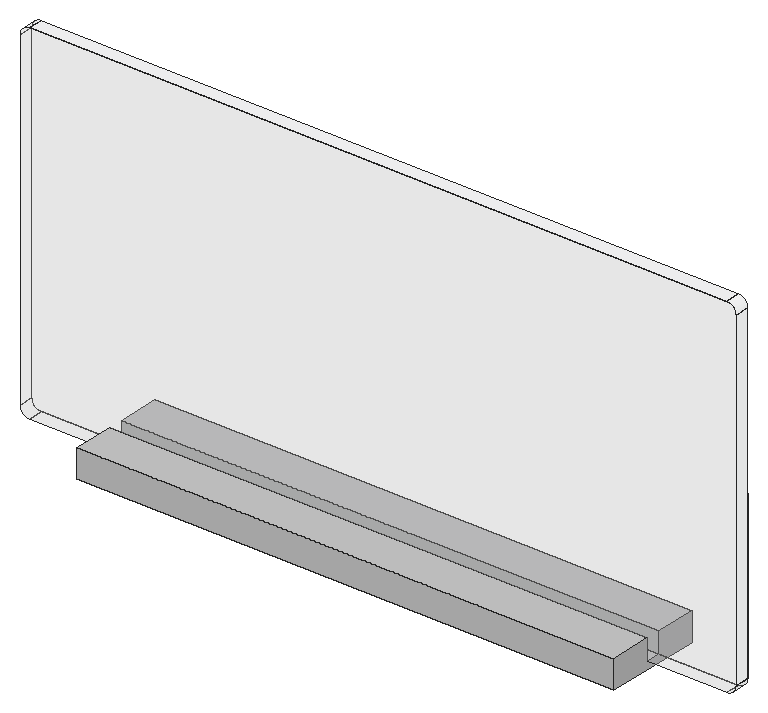
Revit family "Haworth_Belong_Screen", category Furniture Systems, Revit 2018
Family settings
  Round Connector Dimension = Use Diameter
  Part Type = Normal
  OmniClass Number = 23.40.70.14.64.21
  OmniClass Title = Systems Furniture
  Work Plane-Based = No
  Always vertical = Yes
  Cut with Voids When Loaded = No
  Shared = No
  Room Calculation Point = No
Parameters (values of type "Territory Screen")
  Worksurface Thickness = 1 3/16"  # constant formula
  Worksurface Height = 29"
  Width = 24"
  Warranty = "http://www.haworth.com/resources/product-info/warranties"
  URL - Product = "http://www.haworth.com/products/accessories/work-tools/belong"
  URL = "www.haworth.com"
  Type Comments = ""
  Territory Screen = yes
  Sustainability Info = "https://www.haworth.com/na/en/expertise/sustainability.html"
  Size = "Verify Final Dim. w/ Haworth"  # constant formula
  Screen Finish = Haworth _ Glass _ Clear
  Screen Depth = if(Full Modesty or Structural L Screen, 1 1/2", 1/2")  # 1/2"
  Revision Number = "3"  # constant formula
  Panel Bottom Offset = if(or(Territory Screen, Center Screen), 1/4", 0")  # 1/4"
  Full Modesty or Structural L Screen = no
  Custom Size = if(Back or End Screen, not(and(or(Width = 24", Width = 30", Width = 36", Width = 42", Width = 48", Width = 54", Width = 60"), or(Height = 19", Height = 27"))), if(Center Screen, not(and(or(Width = 24", Width = 30", Width = 36", Width = 42", Width = 48", Width = 54", Width = 60", Width = 66", Width = 72", Width = 78", Width = 84", Width = 90", Width = 96"), or(Height = 14"))), if(Full Modesty or Structural L Screen, not(and(or(Width = 24", Width = 30", Width = 36", Width = 42", Width = 48"), or(Height = 42", Height = 50"))), not(and(or(Width = 24"), or(Height = 12"))))))  # no
  Center Screen = no
  Bracket Finish = Haworth _ Metal _ Brushed Aluminum
  Back or End Screen = not(or(Center Screen, Territory Screen, Full Modesty or Structural L Screen))  # no
  Actual Mounting Height = if(Territory Screen, Worksurface Height, if(and(Full Modesty or Structural L Screen, Worksurface Height < 30"), 30" - Worksurface Thickness, Worksurface Height - Worksurface Thickness))  # 29"
  Actual Bottom of Glass Height [instance] = if(and(Back or End Screen, Actual Height = 19"), Actual Mounting Height - 13", if(and(Back or End Screen, Actual Height = 27"), Actual Mounting Height - 13", if(Territory Screen, Actual Mounting Height, if(and(Full Modesty or Structural L Screen, Actual Height = 42"), Actual Mounting Height - 28", if(and(Full Modesty or Structural L Screen, Actual Height = 50"), Actual Mounting Height - 28", Actual Mounting Height)))))  # 29"
  Model = "Haworth - Belong - Screen"  # constant formula
  Standard Widths = if(Center Screen, "24-96 in. @ 6 in. Increments", if(Territory Screen, "24 in.", if(Full Modesty or Structural L Screen, "24-48 in. @ 6 in. increments", "24-60 in. @ 6 in. increments")))  # "24 in."
  Standard Heights = if(Center Screen, "14 in.", if(Territory Screen, "12 in.", if(Full Modesty or Structural L Screen, "42 or 50 in.", "19 or 27 in.")))  # "12 in."
  Min. Width = 24"  # constant formula
  Middle Bracket = and(Center Screen, Width > 59")  # no
  Max. Width = if(Center Screen, 96", if(Territory Screen, 24", if(Full Modesty or Structural L Screen, 48", 60")))  # 24"
  Min. Height = if(Center Screen, 14", if(Territory Screen, 12", if(Full Modesty or Structural L Screen, 42", 19")))  # 12"
  Max. Height = if(Center Screen, 14", if(Territory Screen, 12", if(Full Modesty or Structural L Screen, 50", 27")))  # 12"
  Manufacturer = "Haworth"  # constant formula
  Height = 12"
  Description = "Haworth_Belong-Screen"
  Bracket Spacing = Actual Width - 10"  # 14"
  Bracket Offset = 3"  # constant formula
  Author = "SHAPE Environments, LLC"  # constant formula
  Assembly Code = "E2020200"
  Actual Width = if(Width > Max. Width, Max. Width, if(Width < Min. Width, Min. Width, Width))  # 24"
  Actual Height = if(Height > Max. Height, Max. Height, if(Height < Min. Height, Min. Height, Height))  # 12"
Types (4): name | Worksurface Height | Width | Territory Screen | Screen Depth | Panel Bottom Offset | Full Modesty or Structural L Screen | Center Screen | Back or End Screen | Actual Mounting Height | Actual Bottom of Glass Height | Standard Widths | Standard Heights | Middle Bracket | Max. Width | Min. Height | Max. Height | Height | Bracket Spacing | Actual Width | Actual Height
  Back or End Screen | 29" | 60" | no | 1/2" | 0" | no | no | yes | 27 13/16" | 14 13/16" | "24-60 in. @ 6 in. increments" | "19 or 27 in." | no | 60" | 19" | 27" | 27" | 50" | 60" | 27"
  Center Screen | 29" | 60" | no | 1/2" | 1/4" | no | yes | no | 27 13/16" | 27 13/16" | "24-96 in. @ 6 in. Increments" | "14 in." | yes | 96" | 14" | 14" | 14" | 50" | 60" | 14"
  Territory Screen | 29" | 24" | yes | 1/2" | 1/4" | no | no | no | 29" | 29" | "24 in." | "12 in." | no | 24" | 12" | 12" | 12" | 14" | 24" | 12"
  Full Modesty or Structural L Screen | 30" | 48" | no | 1 1/2" | 0" | yes | no | no | 28 13/16" | 13/16" | "24-48 in. @ 6 in. increments" | "42 or 50 in." | no | 48" | 42" | 50" | 42" | 38" | 48" | 42"
Reference planes (in)
  plane 1 "Center F/B": y = 0
  plane 2: z = 0
  plane 3 "Center L/R": x = -1.28601
  plane 4 "Screen Top": z = 41
  plane 5 "Bottom": z = 29
  plane 6 "Left": x = -13.28601
  plane 7 "Right": x = 10.71399
  plane 8 "Back": y = 0.25
  plane 9 "Table Height Bottom": z = 29
  plane 10 "Front": y = -0.25
  plane 11 "Right Bracket": x = 7.71399
  plane 12 "Left Bracket": x = -10.28601
  plane 13 "Panel Bottom": z = 29.25
Forms (in)
  Extrusion 1, solid, material "Haworth _ Glass _ Clear" <- "Screen Finish"
    sketch origin (0, 0, 24) x (1, 0, 0) y (0, 0, 1)
      loop
        arc (-12.97351, 17) -> (-13.19448, 16.90847) -> (-13.28601, 16.6875) r 0.3125
        line (-13.28601, 16.6875) -> (-13.28601, 5.5625)
        arc (-13.28601, 5.5625) -> (-13.19448, 5.34153) -> (-12.97351, 5.25) r 0.3125
        line (-12.97351, 5.25) -> (10.40149, 5.25)
        arc (10.40149, 5.25) -> (10.62247, 5.34153) -> (10.71399, 5.5625) r 0.3125
        line (10.71399, 5.5625) -> (10.71399, 16.6875)
        arc (10.71399, 16.6875) -> (10.62247, 16.90847) -> (10.40149, 17) r 0.3125
        line (10.40149, 17) -> (-12.97351, 17)
    from 0.25 to -0.25
  Extrusion 2, solid, material "Haworth _ Metal _ Brushed Aluminum" <- "Bracket Finish", visible <- "Back or End Screen"
    sketch origin (39.32445, -180, 29) x (1, 0, 0) y (0, 1, 0)
      loop
        line (-33.11045, 180.25) -> (-28.61045, 180.25) -> (-28.61045, 179.75) -> (-31.36045, 179.75) -> (-31.36045, 179.5) -> (-28.36045, 179.5) -> (-28.36045, 180.5) -> (-31.61045, 180.5) -> (-31.86045, 180.75) -> (-33.11045, 180.75) -> (-33.11045, 180.25)
    from 0 to 1.25
  Extrusion 3, solid, material "Haworth _ Metal _ Brushed Aluminum" <- "Bracket Finish", visible <- "Back or End Screen"
    sketch origin (10.71399, 0, 0) x (0, 0, 1) y (0, 1, 0)
      loop
        line (29, 0.25) -> (29, 4.25) -> (28.75, 4.25) -> (28.75, 0.25) -> (29, 0.25)
    from 3.25 to 4.5
  Extrusion 4, solid, material "Haworth _ Metal _ Brushed Aluminum" <- "Bracket Finish", visible <- "Back or End Screen"
    sketch origin (-39.32445, -180, 30) x (-1, 0, 0) y (0, -1, 0)
      loop
        line (-28.78844, -179.75) -> (-26.03844, -179.75) -> (-26.03844, -180.25) -> (-30.53844, -180.25) -> (-30.53844, -180.75) -> (-29.28844, -180.75) -> (-29.03844, -180.5) -> (-25.78844, -180.5) -> (-25.78844, -179.5) -> (-28.78844, -179.5) -> (-28.78844, -179.75)
    from -1 to 0.25
  Extrusion 5, solid, material "Haworth _ Metal _ Brushed Aluminum" <- "Bracket Finish", visible <- "Back or End Screen"
    sketch origin (-13.28601, 0, 0) x (0, 0, 1) y (0, -1, 0)
      loop
        line (29, -0.25) -> (28.75, -0.25) -> (28.75, -4.25) -> (29, -4.25) -> (29, -0.25)
    from 3.25 to 4.5
  Extrusion 6, solid, material "Haworth _ Metal _ Brushed Aluminum" <- "Bracket Finish", visible <- "Center Screen"
    sketch origin (-1.28601, 0, 0.25) x (0, 1, 0) y (0, 0, 1)
      loop
        line (0.5, 31) -> (0.25, 31) -> (0.25, 29) -> (-0.25, 29) -> (-0.25, 31) -> (-0.5, 31) -> (-0.5, 28.75) -> (-3.5, 28.75) -> (-3.5, 28.5) -> (3.5, 28.5) -> (3.5, 28.75) -> (0.5, 28.75) -> (0.5, 31)
    from 7.75 to 9
  Extrusion 7, solid, material "Haworth _ Metal _ Brushed Aluminum" <- "Bracket Finish", visible <- "Center Screen"
    sketch origin (-1.28601, 0, 0.25) x (0, 1, 0) y (0, 0, -1)
      loop
        line (0.5, -31) -> (0.5, -28.75) -> (3.5, -28.75) -> (3.5, -28.5) -> (-3.5, -28.5) -> (-3.5, -28.75) -> (-0.5, -28.75) -> (-0.5, -31) -> (-0.25, -31) -> (-0.25, -29) -> (0.25, -29) -> (0.25, -31) -> (0.5, -31)
    from 7.75 to 9
  Extrusion 8, solid, material "Haworth _ Metal _ Brushed Aluminum" <- "Bracket Finish", visible <- "Middle Bracket"
    sketch origin (25.08899, 0, 0.25) x (0, 1, 0) y (0, 0, -1)
      loop
        line (0.5, -31) -> (0.5, -28.75) -> (3.5, -28.75) -> (3.5, -28.5) -> (-3.5, -28.5) -> (-3.5, -28.75) -> (-0.5, -28.75) -> (-0.5, -31) -> (-0.25, -31) -> (-0.25, -29) -> (0.25, -29) -> (0.25, -31) -> (0.5, -31)
    from 25.75 to 27
  Extrusion 9, solid, material "Haworth _ Metal _ Brushed Aluminum" <- "Bracket Finish", visible <- "Full Modesty or Structural L Screen"
    sketch origin (-1.28601, 0, 0) x (0, 1, 0) y (0, 0, 1)
      loop
        line (4.25, 29) -> (0.25, 29) -> (0.25, 25) -> (0.5, 25) -> (0.5, 28.75) -> (4.25, 28.75) -> (4.25, 29)
    from 7.75 to 9
  Extrusion 10, solid, material "Haworth _ Metal _ Brushed Aluminum" <- "Bracket Finish", visible <- "Full Modesty or Structural L Screen"
    sketch origin (-1.28601, 0, 0) x (0, 1, 0) y (0, 0, -1)
      loop
        line (4.25, -29) -> (4.25, -28.75) -> (0.5, -28.75) -> (0.5, -25) -> (0.25, -25) -> (0.25, -29) -> (4.25, -29)
    from 7.75 to 9
  Extrusion 11, solid, material "Haworth _ Metal _ Brushed Aluminum" <- "Bracket Finish", visible <- "Territory Screen"
    sketch origin (-1.28601, 0, 0) x (0, 1, 0) y (0, 0, 1)
      loop
        line (-1.625, 29.94651) -> (-1.625, 29) -> (1.625, 29) -> (1.625, 29.94651) -> (0.25, 29.94651) -> (0.25, 29.25) -> (-0.25, 29.25) -> (-0.25, 29.94651) -> (-1.625, 29.94651)
    from -9 to 9
Cuts and joins
  joined: Extrusion 2, Extrusion 3
  joined: Extrusion 4, Extrusion 5
Lines and regions (in)
  Masking region 1
    outline origin (0, 0, 41) x (-1, 0, 0) y (0, -1, 0)
      loop
        line (13.28601, -0.25) -> (13.28601, 0.25) -> (-10.71399, 0.25) -> (-10.71399, -0.25) -> (13.28601, -0.25)
  Masking region 2, visible <- "Territory Screen", detail levels fine
    outline origin (0, 0, 41) x (-1, 0, 0) y (0, -1, 0)
      loop
        line (10.28601, -1.625) -> (10.28601, -0.25) -> (-7.71399, -0.25) -> (-7.71399, -1.625) -> (10.28601, -1.625)
      loop
        line (-7.71399, 0.25) -> (10.28601, 0.25) -> (10.28601, 1.625) -> (-7.71399, 1.625) -> (-7.71399, 0.25)
  Masking region 3, visible <- "Back or End Screen", detail levels fine
    outline origin (0, 0, 0) x (1, 0, 0) y (0, 1, 0)
      loop
        line (-10.53601, -0.25) -> (-13.28601, -0.25) -> (-13.28601, 0.25) -> (-8.78601, 0.25) -> (-8.78601, 4.25) -> (-10.03601, 4.25) -> (-10.03601, 0.75) -> (-10.28601, 0.5) -> (-13.53601, 0.5) -> (-13.53601, -0.5) -> (-10.53601, -0.5) -> (-10.53601, -0.25)
  Masking region 4, visible <- "Back or End Screen", detail levels fine
    outline origin (0, 0, 0) x (1, 0, 0) y (0, 1, 0)
      loop
        line (7.96399, -0.25) -> (7.96399, -0.5) -> (10.96399, -0.5) -> (10.96399, 0.5) -> (7.71399, 0.5) -> (7.46399, 0.75) -> (7.46399, 4.25) -> (6.21399, 4.25) -> (6.21399, 0.25) -> (10.71399, 0.25) -> (10.71399, -0.25) -> (7.96399, -0.25)
  Masking region 5, visible <- "Full Modesty or Structural L Screen", detail levels fine
    outline origin (0, 0, 0) x (1, 0, 0) y (0, 1, 0)
      loop
        line (-10.28601, 4.25) -> (-10.28601, 0.25) -> (-9.03601, 0.25) -> (-9.03601, 4.25) -> (-10.28601, 4.25)
  Masking region 6, visible <- "Full Modesty or Structural L Screen", detail levels fine
    outline origin (0, 0, 0) x (1, 0, 0) y (0, 1, 0)
      loop
        line (7.71399, 4.25) -> (6.46399, 4.25) -> (6.46399, 0.25) -> (7.71399, 0.25) -> (7.71399, 4.25)
  Masking region 7, visible <- "Center Screen", detail levels fine
    outline origin (0, 0, 0) x (1, 0, 0) y (0, 1, 0)
      loop
        line (-10.28601, 3.5) -> (-10.28601, 0.25) -> (-9.03601, 0.25) -> (-9.03601, 3.5) -> (-10.28601, 3.5)
      loop
        line (-10.28601, -0.25) -> (-10.28601, -3.5) -> (-9.03601, -3.5) -> (-9.03601, -0.25) -> (-10.28601, -0.25)
  Masking region 8, visible <- "Center Screen", detail levels fine
    outline origin (0, 0, 0) x (1, 0, 0) y (0, 1, 0)
      loop
        line (7.71399, 3.5) -> (6.46399, 3.5) -> (6.46399, 0.25) -> (7.71399, 0.25) -> (7.71399, 3.5)
      loop
        line (7.71399, -0.25) -> (6.46399, -0.25) -> (6.46399, -3.5) -> (7.71399, -3.5) -> (7.71399, -0.25)
  Masking region 9, visible <- "Middle Bracket", detail levels fine
    outline origin (0, 0, 0) x (1, 0, 0) y (0, 1, 0)
      loop
        line (-1.91101, 3.5) -> (-1.91101, 0.25) -> (-0.66101, 0.25) -> (-0.66101, 3.5) -> (-1.91101, 3.5)
      loop
        line (-1.91101, -0.25) -> (-1.91101, -3.5) -> (-0.66101, -3.5) -> (-0.66101, -0.25) -> (-1.91101, -0.25)
Dimensions and locks (in)
  "Actual Height": plane 4 "Screen Top" to plane 5 "Bottom"
  equal spacing: plane 7 "Right", plane 3 "Center L/R", plane 6 "Left"
  "Actual Width": plane 6 "Left" to plane 7 "Right"
  "Screen Depth": plane 8 "Back" to plane 10 "Front"
  equal spacing: plane 8 "Back", plane 1 "Center F/B", plane 10 "Front"
  Extrusion 2 sketch curve to Extrusion 2 sketch curve = 1/4"  (x2)
  Extrusion 3 sketch curve to Extrusion 3 sketch curve = 1/4"
  Extrusion 3 sketch curve to Extrusion 3 sketch curve = 4"
  Extrusion 4 sketch curve to Extrusion 4 sketch curve = 1/4"  (x2)
  "Actual Mounting Height": plane 9 "Table Height Bottom" to plane 2
  "Bracket Offset": plane 7 "Right" to plane 11 "Right Bracket"
  "Bracket Offset": plane 12 "Left Bracket" to plane 6 "Left"
  "Actual Bottom of Glass Height": plane 5 "Bottom" to plane 2
  locked: Extrusion 6 to Extrusion 6 at 1.25
  locked: Extrusion 7 to Extrusion 7 at 1.25
  locked: Extrusion 9 to Extrusion 9 at 1.25
  locked: Extrusion 10 to Extrusion 10 at 1.25
  locked: cut or joined group of Extrusion 2, Extrusion 3 to plane 9 "Table Height Bottom" at 1.25
  locked: cut or joined group of Extrusion 4, Extrusion 5 to plane 9 "Table Height Bottom" at 1.25
  "Panel Bottom Offset": plane 13 "Panel Bottom" to plane 5 "Bottom"
  aligned and locked: Extrusion 1 sketch curve to plane 4 "Screen Top"
  aligned and locked: plane 7 "Right" to Extrusion 1 sketch curve
  aligned and locked: plane 8 "Back" to Extrusion 1
  aligned and locked: plane 10 "Front" to Extrusion 1
  aligned and locked: Masking region 1 sketch curve to Extrusion 1  (x2)
  aligned and locked: plane 10 "Front" to Masking region 1 sketch curve
  aligned and locked: plane 7 "Right" to Masking region 1 sketch curve
  aligned and locked: plane 7 "Right" to Extrusion 2 sketch curve
  aligned and locked: Extrusion 2 sketch curve to plane 8 "Back"
  aligned and locked: Extrusion 2 sketch curve to plane 10 "Front"
  aligned and locked: Extrusion 2 to plane 9 "Table Height Bottom"
  aligned and locked: plane 8 "Back" to Extrusion 3 sketch curve
  aligned and locked: Extrusion 3 sketch curve to plane 9 "Table Height Bottom"
  aligned and locked: Extrusion 3 to Extrusion 2
  aligned and locked: plane 6 "Left" to Extrusion 4 sketch curve
  aligned and locked: Extrusion 4 sketch curve to plane 8 "Back"
  aligned and locked: Extrusion 4 sketch curve to plane 10 "Front"
  aligned and locked: Extrusion 4 to plane 9 "Table Height Bottom"
  aligned and locked: plane 9 "Table Height Bottom" to Extrusion 5 sketch curve
  aligned and locked: Extrusion 5 sketch curve to plane 8 "Back"
  aligned and locked: Extrusion 5 to Extrusion 4
  aligned and locked: plane 5 "Bottom" to Extrusion 6  (x2)
  aligned: plane 11 "Right Bracket" to Extrusion 6
  aligned and locked: plane 11 "Right Bracket" to Extrusion 6
  aligned and locked: Extrusion 7 to plane 12 "Left Bracket"
  aligned and locked: plane 11 "Right Bracket" to Extrusion 9
  aligned and locked: Extrusion 10 to plane 12 "Left Bracket"
  aligned and locked: plane 11 "Right Bracket" to Extrusion 11
  aligned and locked: Extrusion 11 to plane 12 "Left Bracket"
  aligned and locked: Extrusion 11 to plane 5 "Bottom"
  aligned and locked: Extrusion 1 to plane 13 "Panel Bottom"
Automatic sketch dimensions
  Extrusion 1 sketch curve to plane 6 "Left" = 0"
  plane 5 "Bottom" to Extrusion 1 sketch curve = 1/4"
  plane 6 "Left" to Extrusion 1 sketch curve = 5/16"  (x2)
  plane 7 "Right" to Extrusion 1 sketch curve = 5/16"
  Extrusion 1 sketch curve to plane 4 "Screen Top" = 5/16"
  Extrusion 2 sketch curve to plane 11 "Right Bracket" = 0"
  Extrusion 2 sketch curve to plane 11 "Right Bracket" = 1/4"
  Extrusion 2 sketch curve to Extrusion 2 sketch curve = 1 1/4"
  plane 11 "Right Bracket" to Extrusion 2 sketch curve = 1/4"
  Extrusion 2 sketch curve to plane 7 "Right" = 1/4"
  Extrusion 2 sketch curve to Extrusion 2 sketch curve = 1/2"
  Extrusion 4 sketch curve to plane 12 "Left Bracket" = 0"
  plane 12 "Left Bracket" to Extrusion 4 sketch curve = 1/4"
  Extrusion 4 sketch curve to Extrusion 4 sketch curve = 1 1/4"
  Extrusion 4 sketch curve to plane 12 "Left Bracket" = 1/4"
  Extrusion 4 sketch curve to plane 6 "Left" = 1/4"
  plane 8 "Back" to Extrusion 4 sketch curve = 1/2"
  Extrusion 5 sketch curve to plane 9 "Table Height Bottom" = 1/4"
  plane 8 "Back" to Extrusion 5 sketch curve = 4"
  Extrusion 6 sketch curve to plane 5 "Bottom" = 0"  (x2)
  Extrusion 6 sketch curve to plane 10 "Front" = 0"
  Extrusion 6 sketch curve to plane 8 "Back" = 0"
  plane 10 "Front" to Extrusion 6 sketch curve = 1/4"
  Extrusion 6 sketch curve to plane 5 "Bottom" = 1/4"
  Extrusion 6 sketch curve to Extrusion 6 sketch curve = 3"  (x2)
  plane 8 "Back" to Extrusion 6 sketch curve = 1/4"
  plane 5 "Bottom" to Extrusion 6 sketch curve = 1/4"
  Extrusion 6 sketch curve to Extrusion 6 sketch curve = 2"
  Extrusion 6 sketch curve to Extrusion 6 sketch curve = 0"
  Extrusion 7 sketch curve to plane 5 "Bottom" = 0"  (x2)
  Extrusion 7 sketch curve to plane 10 "Front" = 0"
  Extrusion 7 sketch curve to plane 8 "Back" = 0"
  plane 10 "Front" to Extrusion 7 sketch curve = 1/4"
  Extrusion 7 sketch curve to plane 5 "Bottom" = 1/4"
  Extrusion 7 sketch curve to Extrusion 7 sketch curve = 3"  (x2)
  plane 8 "Back" to Extrusion 7 sketch curve = 1/4"
  plane 5 "Bottom" to Extrusion 7 sketch curve = 1/4"
  Extrusion 7 sketch curve to Extrusion 7 sketch curve = 2"
  Extrusion 7 sketch curve to Extrusion 7 sketch curve = 0"
  Extrusion 8 sketch curve to plane 5 "Bottom" = 0"  (x2)
  Extrusion 8 sketch curve to plane 10 "Front" = 0"
  Extrusion 8 sketch curve to plane 8 "Back" = 0"
  plane 10 "Front" to Extrusion 8 sketch curve = 1/4"
  Extrusion 8 sketch curve to plane 5 "Bottom" = 1/4"
  Extrusion 8 sketch curve to Extrusion 8 sketch curve = 3"  (x2)
  plane 8 "Back" to Extrusion 8 sketch curve = 1/4"
  plane 5 "Bottom" to Extrusion 8 sketch curve = 1/4"
  Extrusion 8 sketch curve to Extrusion 8 sketch curve = 2"
  Extrusion 8 sketch curve to Extrusion 8 sketch curve = 0"
  Extrusion 9 sketch curve to plane 8 "Back" = 0"
  Extrusion 9 sketch curve to plane 9 "Table Height Bottom" = 0"
  Extrusion 9 sketch curve to Extrusion 9 sketch curve = 1/4"  (x2)
  Extrusion 9 sketch curve to Extrusion 9 sketch curve = 3 3/4"  (x2)
  Extrusion 10 sketch curve to plane 8 "Back" = 0"
  Extrusion 10 sketch curve to plane 9 "Table Height Bottom" = 0"
  Extrusion 10 sketch curve to Extrusion 10 sketch curve = 1/4"  (x2)
  Extrusion 10 sketch curve to Extrusion 10 sketch curve = 3 3/4"  (x2)
  Extrusion 11 sketch curve to plane 5 "Bottom" = 0"
  Extrusion 11 sketch curve to plane 10 "Front" = 0"
  Extrusion 11 sketch curve to plane 8 "Back" = 0"
  plane 10 "Front" to Extrusion 11 sketch curve = 1 3/8"
  plane 8 "Back" to Extrusion 11 sketch curve = 1 3/8"
  plane 5 "Bottom" to Extrusion 11 sketch curve = 1/4"
  Extrusion 11 sketch curve to Extrusion 11 sketch curve = 0.69651"
  plane 5 "Bottom" to Extrusion 11 sketch curve = 0.94651"
  plane 10 "Front" to Masking region 2 sketch curve = 0"
  Masking region 2 sketch curve to plane 11 "Right Bracket" = 0"  (x2)
  Masking region 2 sketch curve to plane 12 "Left Bracket" = 0"  (x2)
  Masking region 2 sketch curve to plane 8 "Back" = 0"
  plane 8 "Back" to Masking region 2 sketch curve = 1 3/8"
  plane 10 "Front" to Masking region 2 sketch curve = 1 3/8"
  Masking region 3 sketch curve to plane 6 "Left" = 0"
  plane 10 "Front" to Masking region 3 sketch curve = 0"
  Masking region 3 sketch curve to plane 12 "Left Bracket" = 0"
  Masking region 3 sketch curve to plane 8 "Back" = 0"
  Masking region 3 sketch curve to plane 6 "Left" = 1/4"
  Masking region 3 sketch curve to plane 12 "Left Bracket" = 1/4"
  plane 12 "Left Bracket" to Masking region 3 sketch curve = 1/4"
  Masking region 3 sketch curve to Masking region 3 sketch curve = 1 1/4"
  plane 10 "Front" to Masking region 3 sketch curve = 1/4"
  plane 8 "Back" to Masking region 3 sketch curve = 1/4"
  Masking region 3 sketch curve to Masking region 3 sketch curve = 1/4"
  Masking region 3 sketch curve to Masking region 3 sketch curve = 3 1/2"
  Masking region 4 sketch curve to plane 8 "Back" = 0"
  Masking region 4 sketch curve to plane 11 "Right Bracket" = 0"
  plane 10 "Front" to Masking region 4 sketch curve = 0"
  Masking region 4 sketch curve to plane 7 "Right" = 0"
  Masking region 4 sketch curve to plane 11 "Right Bracket" = 1/4"
  Masking region 4 sketch curve to Masking region 4 sketch curve = 1 1/4"
  plane 11 "Right Bracket" to Masking region 4 sketch curve = 1/4"
  Masking region 4 sketch curve to plane 7 "Right" = 1/4"
  plane 10 "Front" to Masking region 4 sketch curve = 1/4"
  plane 8 "Back" to Masking region 4 sketch curve = 1/4"
  Masking region 4 sketch curve to Masking region 4 sketch curve = 1/4"
  Masking region 4 sketch curve to Masking region 4 sketch curve = 3 1/2"
  Masking region 5 sketch curve to plane 8 "Back" = 0"
  Masking region 5 sketch curve to plane 12 "Left Bracket" = 0"
  Masking region 5 sketch curve to Masking region 5 sketch curve = 1 1/4"
  Masking region 5 sketch curve to Masking region 5 sketch curve = 4"
  Masking region 6 sketch curve to plane 8 "Back" = 0"
  Masking region 6 sketch curve to plane 11 "Right Bracket" = 0"
  Masking region 6 sketch curve to Masking region 6 sketch curve = 1 1/4"
  Masking region 6 sketch curve to Masking region 6 sketch curve = 4"
  Masking region 7 sketch curve to plane 12 "Left Bracket" = 0"  (x2)
  plane 10 "Front" to Masking region 7 sketch curve = 0"
  Masking region 7 sketch curve to plane 8 "Back" = 0"
  Masking region 7 sketch curve to Masking region 7 sketch curve = 1 1/4"  (x2)
  plane 10 "Front" to Masking region 7 sketch curve = 3 1/4"
  Masking region 7 sketch curve to Masking region 7 sketch curve = 3 1/4"
  plane 10 "Front" to Masking region 8 sketch curve = 0"
  Masking region 8 sketch curve to plane 8 "Back" = 0"
  Masking region 8 sketch curve to plane 11 "Right Bracket" = 0"  (x2)
  Masking region 8 sketch curve to plane 11 "Right Bracket" = 1 1/4"
  Masking region 8 sketch curve to Masking region 8 sketch curve = 1 1/4"
  plane 10 "Front" to Masking region 8 sketch curve = 3 1/4"
  Masking region 8 sketch curve to Masking region 8 sketch curve = 3 1/4"
  Masking region 9 sketch curve to plane 8 "Back" = 0"
  plane 10 "Front" to Masking region 9 sketch curve = 0"
  Masking region 9 sketch curve to plane 3 "Center L/R" = 5/8"  (x2)
  plane 3 "Center L/R" to Masking region 9 sketch curve = 5/8"  (x2)
  plane 10 "Front" to Masking region 9 sketch curve = 3 1/4"
  Masking region 9 sketch curve to Masking region 9 sketch curve = 3 1/4"
